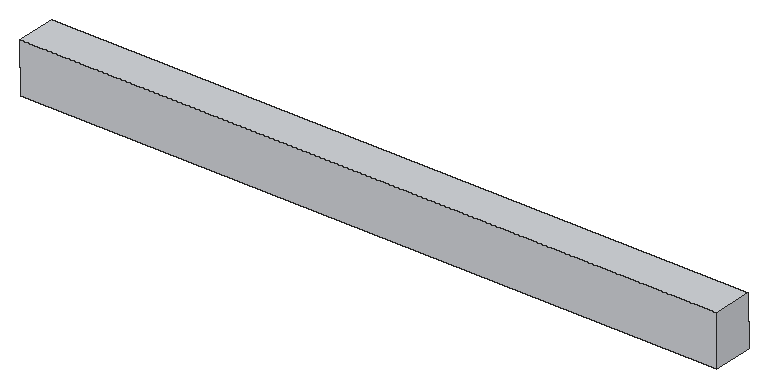
Revit family "3348_ TUPEX ELECTRIC_SOL", category Lighting Fixtures, Revit 2016
Family settings
  Part Type = Normal
  Round Connector Dimension = Use Diameter
  Work Plane-Based = No
  Always vertical = Yes
  Cut with Voids When Loaded = No
  Light Source = Yes
  Shared = No
  Room Calculation Point = Yes
Parameters
  Wattage = 11 W
  Volts = 220 V
  built-in parameter 1150110 = 1 (stored number, unit not read)
  built-in parameter 1114217 = 1 (stored number, unit not read)
  Tilt Angle = 90.00°
  built-in parameter 1150109 = 1 (stored number, unit not read)
  built-in parameter 1150134 = 3
  built-in parameter 1150113 = 1 (stored number, unit not read)
  Photometric Web File = "S4x46A12.ies"
  built-in parameter 1150105 = 99.79 (stored number, unit not read)
  Lumens = 1254 lm
  built-in parameter 1150115 = 1 (stored number, unit not read)
  built-in parameter 1150137 = (empty or 0)
  built-in parameter 1150139 = (empty or 0)
  built-in parameter 1150112 = 1 (stored number, unit not read)
  built-in parameter 1150114 = 1 (stored number, unit not read)
  built-in parameter 1150132 = (empty or 0)
  built-in parameter 1150102 = (empty or 0)
  built-in parameter 1150107 = 3200 (stored number, unit not read)
  built-in parameter 1150138 = (empty or 0)
  built-in parameter 1150106 = 0.9979 (stored number, unit not read)
  Emit from Line Length = 609.6 mm
  built-in parameter 1150104 = 10.591 (stored number, unit not read)
  Dimming Lamp Color Temperature Shift = (empty or 0)
  Color Filter = 16777215
  built-in parameter 1114218 = 1 (stored number, unit not read)
  built-in parameter 1150133 = 10 (stored number, unit not read)
  Apparent Load = 15 VA
Reference planes
  plane 1 "Center (Front/Back)": y = 0
  plane 2: z = 0
  plane 3 "Center (Left/Right)": x = 0
  plane 4: x = 1185
  plane 5: y = 66
  plane 6: z = -100
  plane 7: x = 600
  plane 8: y = 34
  plane 9: y = 32
  plane 10: z = 43
  plane 11: z = -43
Forms (mm)
  Extrusion 1, solid
    sketch origin (0, 0, 0) x (1, 0, 0) y (0, 0, 1)
      loop
        line (0, 0) -> (0, -43) -> (600, -43) -> (600, 0) -> (0, 0)
    from -66 to -32
Lines and regions (mm)
  reference lines
    curve 1: line (0, 0, 0) -> (1185, 0, 0)
Dimensions and locks
  aligned and locked: plane 2 to level
Connectors
  electrical at (300, 49, 0), driven by "Volts", driven by "Apparent Load"
    settings: on Extrusion 1, index 1, voltage 220 V, apparent load 0 VA, apparent load phase1 15 VA, apparent load phase2 0 VA, apparent load phase3 0 VA, power factor 1, load classification "Other", number of poles 1, system type 31, power factor state 1, is connector primary yes, connector utility no, sub classification motor no, connector description ""
